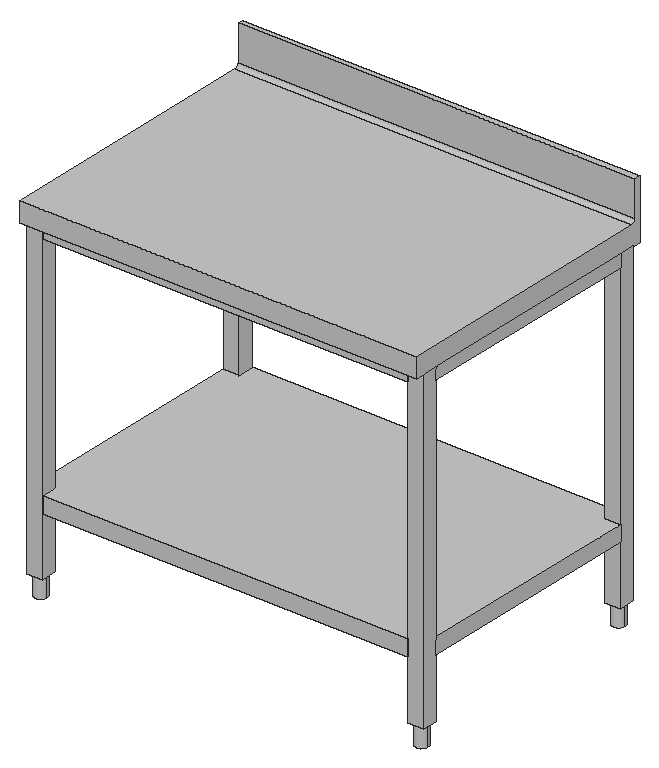
Revit family "QF_ELECTROLUXPROFESSIONAL_134093_LSGTG1010E", category Attrezzature speciali, Revit 2020
Family settings
  Quota connettore circolare = Usa diametro
  Tipo di parte = Normale
  Basato su piano di lavoro = No
  Sempre verticale = Sì
  Taglio con vuoti quando caricato = No
  Condiviso = No
  Punto di calcolo locali = No
Parameters (values of type "Standard")
  Weight = 37.00 kg
  Watts = 0 W
  Volts = 0 V
  URL Manufacturer = "https://www.electroluxprofessional.com/"
  URL = "https://www.electroluxprofessional.com/"
  Steam Supply Size = 0 mm
  Steam Supply Minimum Pressure = 0.0 Pa
  Steam Supply Maximum Pressure = 0.0 Pa
  Steam Consumption per Hour = 0
  Refrigeration Suction Line Size = 0.0 mm
  Refrigeration Liquid Line Size = 0.0 mm
  Refrigerant Compressor Remote = yes
  Prospetto di default = 0.0 mm
  Produttore = "Electrolux Professional"
  Phase = 0
  Modello = "LSGTG1010E"
  Length Actual = 1000.0 mm  # constant formula
  Item Number = "134093"
  Hot Water Size = 0 mm
  Height Actual = 1000.0 mm  # constant formula
  HP = "0 HP"
  Gas Size = 0 mm
  Gas KW = 0
  Gas Input Pressure = 0 W
  Direct Waste Size = 0 mm
  Descrizione = "WORK TABLE 1000 MM+UPSTAND+LOWER SHELF"
  Depth Actual = 700.0 mm  # constant formula
  Cycle = 0 Hz
  Condensate Return Size = 0 mm
  Compressed Air Volume = 0.0 L/s
  Compressed Air Size = 0 mm
  Compressed Air Pressure = 0.0 Pa
  Cold Water Size = 0 mm
  Accessory = yes
Reference planes
  plane 1 "Center (Front/Back)": y = 0
  plane 2: z = 0
  plane 3 "Center (Left/Right)": x = 0
  plane 4 "LEFT": x = -500
  plane 5 "RIGHT": x = 500
  plane 6 "BACK": y = 350
  plane 7 "FRONT": y = -350
  plane 8 "Base": z = 850
  plane 9 "TOP": z = 900
  plane 10: x = -480
  plane 11: x = 480
  plane 12: y = 310
  plane 13: y = -310
  plane 14 "TRAVERSI": z = 820
  plane 15: x = -460
  plane 16: x = 460
  plane 17: y = 290
  plane 18: y = -290
  plane 19: y = 330
  plane 20: y = -330
  plane 21 "Plane": z = 200
Forms (mm)
  Extrusion 1, solid, material "QF_Finishes_Stainless Steel"
    sketch origin (0, 0, 0) x (0, 1, 0) y (0, 0, 1)
      loop
        line (-350, 850) -> (350, 850) -> (350, 1000) -> (337, 1000) -> (337, 910)
        arc (337, 910) -> (334.071, 902.929) -> (327, 900) r 10
        line (327, 900) -> (-350, 900) -> (-350, 850)
    from 500 to -500
  Extrusion 2, solid, material "QF_Finishes_Stainless Steel"
    sketch origin (0, 0, 820) x (0, 1, 0) y (-1, 0, 0)
      loop
        line (290, -460) -> (-290, -460) -> (-290, -500) -> (290, -500) -> (290, -460)
      loop
        line (290, 500) -> (-290, 500) -> (-290, 460) -> (290, 460) -> (290, 500)
    from 0 to 30
  Extrusion 3, solid, material "QF_Finishes_Stainless Steel"
    sketch origin (0, 0, 820) x (0, 1, 0) y (-1, 0, 0)
      loop
        line (330, -460) -> (330, 460) -> (290, 460) -> (290, -460) -> (330, -460)
      loop
        line (-290, 460) -> (-330, 460) -> (-330, -460) -> (-290, -460) -> (-290, 460)
    from 0 to 30
  Extrusion 4, solid, material "QF_Finishes_Stainless Steel"
    sketch origin (0, 0, 200) x (0, 1, 0) y (-1, 0, 0)
      loop
        line (290, 500) -> (-290, 500) -> (-290, 460) -> (-330, 460) -> (-330, -460) -> (-290, -460) -> (-290, -500) -> (290, -500) -> (290, -460) -> (330, -460) -> (330, 460) -> (290, 460) -> (290, 500)
    from 0 to 40
Lines and regions (mm)
  symbolic lines
    curve 1: line (500, 350, 900) -> (-500, 350, 900)
    curve 2: line (-500, 350, 900) -> (-500, -350, 900)
    curve 3: line (-500, -350, 900) -> (500, -350, 900)
    curve 4: line (500, -350, 900) -> (500, 350, 900)
    curve 5: line (-500, 337, 820) -> (500, 337, 820)
Dimensions and locks
  plane 4 "LEFT" to plane 5 "RIGHT" = 1000.0 mm
  equal spacing: plane 4 "LEFT", plane 3 "Center (Left/Right)", plane 5 "RIGHT"
  plane 4 "LEFT" to plane 10 = 20.0 mm
  plane 11 to plane 5 "RIGHT" = 20.0 mm
  plane 10 to plane 11 = 960.0 mm
  plane 6 "BACK" to plane 12 = 40.0 mm
  plane 13 to plane 7 "FRONT" = 40.0 mm
  plane 6 "BACK" to plane 7 "FRONT" = 700.0 mm
  plane 12 to plane 13 = 620.0 mm
  equal spacing: plane 6 "BACK", plane 1 "Center (Front/Back)", plane 7 "FRONT"
  plane 8 "Base" to plane 14 "TRAVERSI" = 30.0 mm
  locked: plane 10 to plane 15 at 20
  locked: plane 16 to plane 11 at 20
  locked: plane 19 to plane 12 at 20
  locked: plane 12 to plane 17 at 20
  locked: plane 18 to plane 13 at 20
  locked: plane 13 to plane 20 at 20
  locked: plane 8 "Base" to level at 850
  locked: Extrusion 1 to level at 1000
  locked: plane 21 "Plane" to level at 200
  aligned and locked: level to plane 2
  aligned and locked: plane 10 to nested 1
  aligned and locked: nested 1 to plane 13
  aligned and locked: plane 11 to nested 2
  aligned and locked: nested 2 to plane 13
  aligned and locked: plane 11 to nested 4
  aligned and locked: nested 4 to plane 12
  aligned and locked: plane 10 to nested 3
  aligned and locked: nested 3 to plane 12
  aligned and locked: Extrusion 1 to plane 4 "LEFT"
  aligned and locked: plane 5 "RIGHT" to Extrusion 1
  aligned and locked: curve 2 to plane 4 "LEFT"
  aligned and locked: Extrusion 2 sketch curve to plane 5 "RIGHT"
  aligned and locked: Extrusion 2 sketch curve to plane 17  (x2)
  aligned and locked: plane 16 to Extrusion 2 sketch curve
  aligned and locked: plane 18 to Extrusion 2 sketch curve  (x2)
  aligned and locked: plane 4 "LEFT" to Extrusion 2 sketch curve
  aligned and locked: Extrusion 2 sketch curve to plane 15
  aligned and locked: plane 19 to Extrusion 3 sketch curve
  aligned and locked: Extrusion 3 sketch curve to plane 17
  aligned and locked: Extrusion 3 sketch curve to plane 18
  aligned and locked: plane 20 to Extrusion 3 sketch curve
  aligned and locked: Extrusion 3 sketch curve to plane 15
  aligned and locked: plane 15 to Extrusion 3 sketch curve
  aligned and locked: plane 16 to Extrusion 3 sketch curve
  aligned and locked: Extrusion 3 sketch curve to plane 16
  aligned and locked: curve 5 to Extrusion 1
  aligned and locked: plane 19 to Extrusion 4 sketch curve
  aligned and locked: plane 5 "RIGHT" to Extrusion 4 sketch curve
  aligned and locked: Extrusion 4 sketch curve to plane 4 "LEFT"
  aligned and locked: Extrusion 4 sketch curve to plane 20
  aligned and locked: Extrusion 4 sketch curve to Extrusion 2
  aligned and locked: Extrusion 4 sketch curve to plane 15
  aligned and locked: plane 17 to Extrusion 4 sketch curve  (x2)
  aligned and locked: Extrusion 4 sketch curve to plane 18  (x2)
  aligned and locked: plane 16 to Extrusion 4 sketch curve  (x2)
Automatic sketch dimensions
  curve 3 to plane 7 "FRONT" = 0.0 mm
  curve 4 to plane 6 "BACK" = 0.0 mm
  curve 4 to plane 5 "RIGHT" = 0.0 mm
  Extrusion 1 sketch curve to plane 7 "FRONT" = 0.0 mm
  Extrusion 1 sketch curve to plane 9 "TOP" = 0.0 mm
  Extrusion 1 sketch curve to plane 6 "BACK" = 0.0 mm
  Extrusion 1 sketch curve to plane 8 "Base" = 0.0 mm
  Extrusion 1 sketch curve to plane 19 = 3.0 mm
  plane 19 to Extrusion 1 sketch curve = 7.0 mm
  Extrusion 1 sketch curve to Extrusion 1 sketch curve = 90.0 mm
  curve 5 to plane 5 "RIGHT" = 0.0 mm
  curve 5 to plane 4 "LEFT" = 0.0 mm
Nested families
  nested 1: "FEET_40x40_P50" at (-480, -310, 0), type "FEET_40x40_P50"
  nested 2: "FEET_40x40_P50" at (480, -310, 0), type "FEET_40x40_P50"
  nested 3: "FEET_40x40_P50" at (-480, 310, 0), type "FEET_40x40_P50"
  nested 4: "FEET_40x40_P50" at (480, 310, 0), type "FEET_40x40_P50"
Definition of nested family "FEET_40x40_P50"
  Parameters
    Default Elevation = 0.0 mm
    FEET = 850.0 mm
  Reference planes
    plane 1 "Center (Front/Back)": y = 0
    plane 2: z = 0
    plane 3 "Center (Left/Right)": x = 0
    plane 4: z = 850
  Forms (mm)
    Extrusion 1, solid
      sketch origin (0, 0, 0) x (1, 0, 0) y (0, 1, 0)
        loop
          line (-20, -20) -> (20, -20) -> (20, 20) -> (-20, 20) -> (-20, -20)
      from 50 to 850
    Extrusion 2, solid
      sketch origin (0, 0, 0) x (1, 0, 0) y (0, 1, 0)
        loop
          circle (0, 0) r 16
      from 0 to 50
  Lines and regions (mm)
    symbolic lines
      curve 1: line (0, -1.503, 0) -> (0, 1.508, 0)
      curve 2: line (1.561, 0, 0) -> (-1.439, 0, 0)
  Dimensions and locks
    "FEET": plane 4 to plane 2
    aligned and locked: level to plane 2
  Automatic sketch dimensions
    Extrusion 1 sketch curve to plane 3 "Center (Left/Right)" = 20.0 mm
    plane 3 "Center (Left/Right)" to Extrusion 1 sketch curve = 20.0 mm
    plane 1 "Center (Front/Back)" to Extrusion 1 sketch curve = 20.0 mm
    Extrusion 1 sketch curve to plane 1 "Center (Front/Back)" = 20.0 mm
    plane 1 "Center (Front/Back)" to Extrusion 2 sketch curve = 0.0 mm
    Extrusion 2 sketch curve to plane 3 "Center (Left/Right)" = 0.0 mm
    plane 1 "Center (Front/Back)" to curve 2 = 0.0 mm
    curve 1 to plane 3 "Center (Left/Right)" = 0.0 mm
    curve 2 to plane 3 "Center (Left/Right)" = 1.439 mm
    plane 3 "Center (Left/Right)" to curve 2 = 1.561 mm
    plane 1 "Center (Front/Back)" to curve 1 = 1.503 mm
    curve 1 to plane 1 "Center (Front/Back)" = 1.508 mm
    radius of Extrusion 2 sketch curve = 16.0 mm
